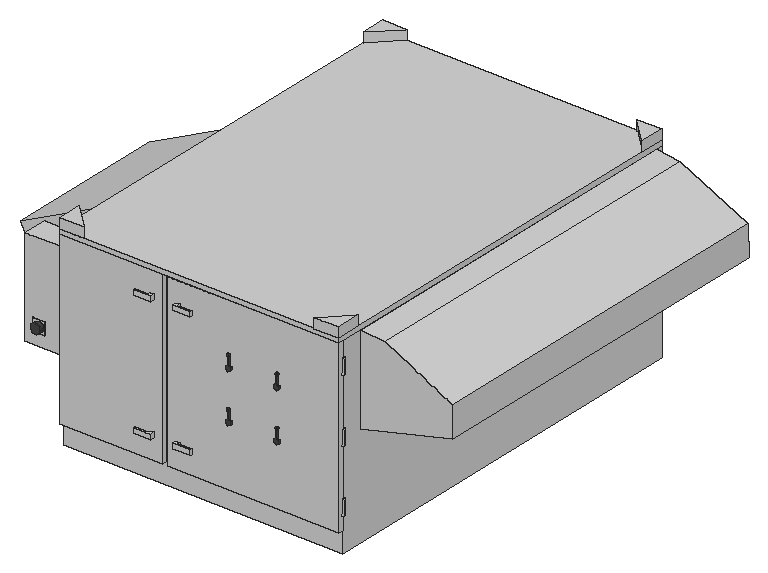
Revit family "HE4XRTV_FEB23", category Mechanical Equipment, Revit 2019
Family settings
  Round Connector Dimension = Use Diameter
  Part Type = Normal
  OmniClass Number = 23.75.00.00
  OmniClass Title = Climate Control (HVAC)
  Work Plane-Based = No
  Always vertical = Yes
  Cut with Voids When Loaded = No
  Shared = No
  Room Calculation Point = No
Parameters (values of type "2.0 HP 120V Single Phase")
  Voltage = "120"
  Ventilation Type = "Static Plate, Heat and Humidity Transfer"
  Unit Width = "83\""
  Unit Weight = "838-1,143 lbs."
  Unit Length = "94\""
  Unit Height = "44\""
  Unit = Metal - RenewAire - Anodized - Gray Text
  URL = "www.renewaire.com"
  Typical Airflow Range = "1,000 - 4,400 CFM"
  Standard Features = "TEFC Premium efficiency motors, Motor starters, Non-Fused Disconnect, 24VAC Transformer/Relay Package"
  Shipping Weight = "1,279 lbs."
  Service Area Visibility = no
  Service Area Box = Interference - RenewAire - Smooth - Light - Gold
  Revit Object Download Link = ""
  Phase = "Single"
  Options = "Integrated programmable controls, Fused disconnect, Double wall construction, Factory supplied and mounted variable frequency drives (VFDs) – one or both airstreams, Class 1 low leakage motorized isolation dampers – OA, RA or both airstreams, Qty. 2 Factory mounted filter alarms, Exterior Paint - white, custom colors"
  Number Motors = "Qty. 2, Belt drive blower/standard motor packages with adjustable sheaves"
  Model = "HE 4XRTV"
  Minimum Circuit Amps = "45.0 A"
  Maximum Overcurrent Protection = "60 A"
  Max. Shipping Width = "90\""
  Max. Shipping Length = "80\""
  Max. Shipping Height = "67\""
  Manufacturer = "RenewAire LLC"
  Frequency = "60 HZ"
  FLA per Motor = "20.0"
  Description = "Energy Recovery Ventilator"
  Connector Base Material = Glass - With - Transparency
  Accessories = "Filters - MERV 13, 2\" (shipped loose),Roof curb - standard 14\", Curb wind clip, Engineered combo curb for Carrier RTU, Engineered combo curb for Trane RTU, Digital time clock - wall mount(TC7D-W), in exterior enclosure (TC7D-E), Motion occupancy control - ceiling mount(MC-C), wall mount(MC-W), Carbon dioxide control - wall mount (CO2-W), duct mount(CO2-D), Electric duct heater – EK series (1-60 KW); EH series (61-175kW), designed for indoor ductwork installation only, Indirect gas-fired duct furnace - GH Series (50-400 MBH), installed downstream of any fans"
  AHRI 1060 Certified Core = "Four L125-G5"
Types (13): name | Voltage | Phase | Minimum Circuit Amps | Maximum Overcurrent Protection | FLA per Motor
  (no name) | "120" | "Single" | "45.0 A" | "60 A" | "20.0"
  2.0 HP 120V Single Phase | "120" | "Single" | "45.0 A" | "60 A" | "20.0"
  2.0 HP 208-230V Three Phase | "208-230" | "Three" | "14.9 A" | "20 A" | "6.6-5.8"
  2.0 HP 208-230 Single Phase | "208-230" | "Single" | "24.3 A" | "35 A" | "10.8-10.0"
  2.0 HP 460V Three Phase | "460" | "Three" | "6.5 A" | "15 A" | "2.9"
  2.0 HP 575V Three Phase | "575" | "Three" | "5.4 A" | "15 A" | "2.4"
  3.0 HP 208-230V Single Phase | "208-230" | "Single" | "33.1" | "40 A" | "14.7-14"
  3.0 HP 208-230V Three Phase | "208-230" | "Three" | "21.1 A" | "25 A" | "9.4-8.5"
  3.0 HP 460V Three Phase | "460" | "Three" | "9.5 A" | "15 A" | "4.2"
  3.0 HP 575V Three Phase | "575" | "Three" | "7.4 A" | "15 A" | "3.3"
  5.0 HP 208-230V Three Phase | "208-230" | "Three" | "32.6 A" | "45 A" | "14.5-13.4"
  5.0 HP 460V Three Phase | "460" | "Three" | "15.1 A" | "20 A" | "6.7"
  5.0 HP 575V Three Phase | "575" | "Three" | "11.9 A" | "15 A" | "5.3"
Reference planes (in)
  plane 1 "Center (Front/Back)": y = 0
  plane 2: z = 0
  plane 3 "Center (Left/Right)": x = 0
Forms (in)
  Extrusion 1, solid, material "Metal - RenewAire - Anodized - Gray Text" <- "Unit"
    sketch origin (0, 0, 0) x (1, 0, 0) y (0, 0, 1)
      loop
        line (-28.6875, 0) -> (28.6875, 0) -> (28.6875, 39.25) -> (-28.6875, 39.25) -> (-28.6875, 0)
    from 40.5625 to -41.5625
  Extrusion 2, solid, material "Metal - RenewAire - Anodized - Gray Text"
    sketch origin (0, 0, 0) x (1, 0, 0) y (0, 0, 1)
      loop
        line (-28.6875, 39.25) -> (28.6875, 39.25) -> (28.6875, 40.25) -> (-28.6875, 40.25) -> (-28.6875, 39.25)
    from 41.5625 to -41.5625
  Extrusion 3, solid, material "Metal - RenewAire - Anodized - Gray Text"
    sketch origin (0, 0, 0) x (1, 0, 0) y (0, 0, 1)
      loop
        line (-6.4375, 39.25) -> (-6.4375, 4.25) -> (28.6875, 4.25) -> (28.6875, 39.25) -> (-6.4375, 39.25)
      loop
        line (-28.6875, 39.25) -> (-28.6875, 4.25) -> (-7.5625, 4.25) -> (-7.5625, 39.25) -> (-28.6875, 39.25)
    from 41.5625 to 40.5625
  Extrusion 4, solid, material "Metal - RenewAire - Anodized - Gray Text"
    sketch origin (0, -10.4375, 0) x (1, 0, 0) y (0, 1, 0)
      loop
        circle (-28.9375, -30.125) r 0.25
      loop
        circle (28.9375, -30.125) r 0.25
    from 10.25 to 7.25
  Extrusion 5, solid, material "Metal - RenewAire - Anodized - Gray Text"
    sketch origin (0, -10.4375, 0) x (1, 0, 0) y (0, 1, 0)
      loop
        circle (-28.9375, -30.125) r 0.25
      loop
        circle (28.9375, -30.125) r 0.25
    from 36.25 to 33.25
  Extrusion 6, solid, material "Metal - RenewAire - Anodized - Gray Text"
    sketch origin (0, -10.4375, 0) x (1, 0, 0) y (0, 1, 0)
      loop
        circle (-28.9375, -30.125) r 0.25
      loop
        circle (28.9375, -30.125) r 0.25
    from 23.125 to 20.125
  Extrusion 7, solid, material "Metal - RenewAire - Anodized - Gray Text"
    sketch origin (0, -10.4375, 0) x (1, 0, 0) y (0, 1, 0)
      loop
        line (-4.6875, -31.125) -> (-4.6875, -32) -> (-1.1875, -32) -> (-1.1875, -31.625) -> (-3.9375, -31.625) -> (-3.9375, -31.125) -> (-4.6875, -31.125)
      loop
        line (-9.3125, -31.125) -> (-10.0625, -31.125) -> (-10.0625, -31.625) -> (-12.8125, -31.625) -> (-12.8125, -32) -> (-9.3125, -32) -> (-9.3125, -31.125)
    from 9.5 to 8.5
  Extrusion 8, solid, material "Metal - RenewAire - Anodized - Gray Text"
    sketch origin (0, -10.4375, 0) x (1, 0, 0) y (0, 1, 0)
      loop
        line (-4.6875, -31.125) -> (-4.6875, -32) -> (-1.1875, -32) -> (-1.1875, -31.625) -> (-3.9375, -31.625) -> (-3.9375, -31.125) -> (-4.6875, -31.125)
      loop
        line (-9.3125, -31.125) -> (-10.0625, -31.125) -> (-10.0625, -31.625) -> (-12.8125, -31.625) -> (-12.8125, -32) -> (-9.3125, -32) -> (-9.3125, -31.125)
    from 35 to 34
  Extrusion 9, solid, material "Metal - RenewAire - Anodized - Gray Text"
    sketch origin (0, 0, -3.36861) x (1, 0, 0) y (0, 0, 1)
      loop
        line (-28.6875, 37.5) -> (-39, 37.5) -> (-39, 17.5) -> (-28.6875, 17.5) -> (-28.6875, 37.5)
    from 37.5625 to 32.5625
  Extrusion 10, solid, material "Metal - RenewAire - Anodized - Gray Text"
    sketch origin (0, 0, -3.36861) x (1, 0, 0) y (0, 0, 1)
      loop
        line (-37.375, 22.5) -> (-37.375, 20) -> (-34.875, 20) -> (-34.875, 22.5) -> (-37.375, 22.5)
    from 37.6875 to 37.5625
  Extrusion 11, solid, material "MonitorPorts"
    sketch origin (0, 0, -3.36861) x (1, 0, 0) y (0, 0, 1)
      loop
        circle (-36.125, 21.25) r 1
    from 38.5625 to 37.5625
  Extrusion 12, solid, material "Interference - RenewAire - Smooth - Light - Gold" <- "Service Area Box", visible <- "Service Area Visibility"
    sketch origin (0, 0, 0) x (1, 0, 0) y (0, 0, 1)
      loop
        line (28.6875, 40.25) -> (-39, 40.25) -> (-39, 0) -> (28.6875, 0) -> (28.6875, 40.25)
    from 80.4375 to 41.5625
  Extrusion 13, solid, material "Metal - RenewAire - Anodized - Gray Text" <- "Unit"
    sketch origin (0, 0, 0) x (1, 0, 0) y (0, 1, 0)
      loop
        line (-28.6875, 41.5625) -> (-28.6875, 36.5625) -> (-23.6875, 41.5625) -> (-28.6875, 41.5625)
      loop
        line (-28.6875, -41.5625) -> (-23.6875, -41.5625) -> (-28.6875, -36.5625) -> (-28.6875, -41.5625)
      loop
        line (28.6875, -41.5625) -> (28.6875, -36.5625) -> (23.6875, -41.5625) -> (28.6875, -41.5625)
      loop
        line (28.6875, 41.5625) -> (23.6875, 41.5625) -> (28.6875, 36.5625) -> (28.6875, 41.5625)
    from 42.25 to 40.25
  Extrusion 14, void
    sketch origin (0, 3, 0) x (1, 0, 0) y (0, 1, 0)
      loop
        line (-18.4995, -19.9375) -> (-18.4995, -30.9375) -> (-11.6245, -30.9375) -> (-11.6245, -19.9375) -> (-18.4995, -19.9375)
      loop
        line (-18.4995, 0.5625) -> (-18.4995, -10.4375) -> (-11.6245, -10.4375) -> (-11.6245, 0.5625) -> (-18.4995, 0.5625)
    from 4.75 to -1.74859
  Extrusion 15, solid, material "Metal - RenewAire - Anodized - Gray Text"
    sketch origin (0, 0, 0) x (1, 0, 0) y (0, 0, 1)
      loop
        line (28.6875, 39.25) -> (28.6875, 21) -> (47.8125, 26) -> (47.8125, 32.25) -> (33.6875, 38.75) -> (28.6875, 39.25)
    from 36 to -40
  Extrusion 16, solid, material "Metal - RenewAire - Anodized - Gray Text"
    sketch origin (0, 0, 0) x (1, 0, 0) y (0, 0, 1)
      loop
        line (-28.6875, 22.25) -> (-28.6875, 39.25) -> (-45.8125, 30.75) -> (-43.0625, 25.20956) -> (-34.0625, 22.25) -> (-28.6875, 22.25)
    from 30.3125 to -3
  Extrusion 17, void
    sketch origin (0, 0, 0) x (1, 0, 0) y (0, 1, 0)
      loop
        line (-28.1875, 41.0625) -> (-28.1875, -40.0625) -> (28.1875, -40.0625) -> (28.1875, 41.0625) -> (-28.1875, 41.0625)
    from 4.625 to -2.68575
  Extrusion 18, void
    sketch origin (0, 0, 0) x (1, 0, 0) y (0, 1, 0)
      loop
        line (14.1875, 36.0625) -> (14.1875, -15.9375) -> (24.1875, -15.9375) -> (24.1875, 36.0625) -> (14.1875, 36.0625)
    from 4.75 to 0
Cuts and joins
  Extrusion 14, Extrusion 17, Extrusion 18 cuts Extrusion 1
  Extrusion 17 cuts Extrusion 3
  Extrusion 17 cuts Extrusion 12
Dimensions and locks (in)
  Extrusion 2 to Extrusion 3 sketch curve to Extrusion 3 sketch curve = 1' - 9 1/8", 3' - 0 1/4"
  aligned and locked: level to plane 2
Nested families (in)
  nested 1: "Monitoring Port" at (16.125, -41.5625, 19.472) x (-1, 0, 0) z (0, 0, -1), type "Monitoring Port"
  nested 2: "Monitoring Port" at (6.125, -41.5625, 19.472) x (-1, 0, 0) z (0, 0, -1), type "Monitoring Port"
  nested 3: "Monitoring Port" at (16.125, -41.5625, 29.472) x (-1, 0, 0) z (0, 0, -1), type "Monitoring Port"
  nested 4: "Monitoring Port" at (6.125, -41.5625, 29.472) x (-1, 0, 0) z (0, 0, -1), type "Monitoring Port"
Connectors (in)
  hvac at (-15.062, -22.4375, 4.75)
    settings: on cut or joined group of Extrusion 1, Extrusion 14, Extrusion 17, Extrusion 18, index 6, duct flow 0 CFM, flow factor 0, pres drop 0.00 in-wg, loss coef 0, conn angle 0.00°, conn width 11", conn height 6 7/8", conn diameter 24", duct sys type 1, conn prof type 1, flow config 0, flow direction 2, loss method 0, conn ref index -1, conn util no, is conn primary yes, conn desc "FA (Fresh Air)"
  hvac at (-15.062, -1.9375, 4.75)
    settings: on cut or joined group of Extrusion 1, Extrusion 14, Extrusion 17, Extrusion 18, index 7, duct flow 0 CFM, flow factor 0, pres drop 0.00 in-wg, loss coef 0, conn angle 0.00°, conn width 11", conn height 6 7/8", conn diameter 24", duct sys type 1, conn prof type 1, flow config 0, flow direction 2, loss method 0, conn ref index -1, conn util no, is conn primary no, conn desc "FA (Fresh Air)"
  hvac at (19.1875, 10.0625, 4.75)
    settings: on cut or joined group of Extrusion 1, Extrusion 14, Extrusion 17, Extrusion 18, index 8, duct flow 0 CFM, flow factor 0, pres drop 0.00 in-wg, loss coef 0, conn angle 0.00°, conn width 52", conn height 10", conn diameter 24", duct sys type 2, conn prof type 1, flow config 0, flow direction 1, loss method 0, conn ref index -1, conn util no, is conn primary no, conn desc "RA (Return Air)"
Definition of nested family "Monitoring Port"
  Parameters
    URL = "www.renewaire.com"
    Revit Object Download Link = ""
    Model = ""
    Manufacturer = "RenewAire LLC"
    Description = "Monitoring Ports"
  Reference planes (in)
    plane 1 "Center (Front/Back)": y = 0
    plane 2: z = 0
    plane 3 "Center (Left/Right)": x = 0
  Forms (in)
    Extrusion 1, solid
      sketch origin (-9.43348, 0, 37.76669) x (-1, 0, 0) y (0, 0, -1)
        loop
          line (-9.53348, 35.65895) -> (-9.94097, 35.42369) -> (-9.94097, 34.83769) -> (-9.43348, 34.54469) -> (-8.92599, 34.83769) -> (-8.92599, 35.42369) -> (-9.33348, 35.65895) -> (-9.33348, 37.28756)
          arc (-9.33348, 37.28756) -> (-9.43348, 37.76669) -> (-9.53348, 37.28756) r 0.25
          line (-9.53348, 37.28756) -> (-9.53348, 35.65895)
      from 0 to 0.25
  Dimensions and locks (in)
    aligned and locked: level to plane 2
